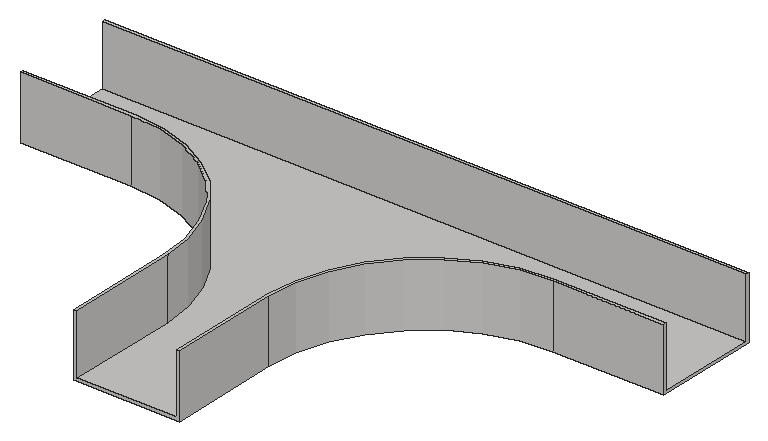
Revit family "Cable_Tray_Fitting-Ventilated_Tray-OBO_Bettermann-Channel_Horizontal_Tee_400-600-MKS", category Cable Tray Fittings, Revit 2012
Parameters (values of type "Hot Dipped Galvanised")
  URL = "http://www.obo-bettermann.com/"
  Tray Width Overall [instance] = Tray Width 3 + 510 mm  # 610 mm
  Tray Width 3 [instance] = 100 mm
  Tray Width 1 [instance] = 100 mm
  Tray Height [instance] = 60 mm
  built-in parameter 1140111 [instance] = 2.58 mm
  Radius Label 1 = Radius Label + 2.6 mm  # 152.6 mm
  Radius Label = 150 mm
  Product Page URL = "http://catalog2.obo-bettermann.com/catalogue/catalogue.do?favOid=kts_315277&act=showIO&lang=en&action=start&catId=KTS&forward=showSolutionView"
  Product Documentation Link = ""
  Pre Galvanized = no
  Model = "MKS"
  Manufacturer = "OBO Bettermann"
  Description = "Ventilated Cable Tray"
  Connector Description 3 = "Connector for Cable Tray 3"  # constant formula
  Connector Description 2 = "Connector for Cable Tray 2"  # constant formula
  Connector Description = "Connector for Cable Tray 1"  # constant formula
  Classification = "Refer to nline catalog for UL and cUL classifed sizes and wire sizes."
  Cable Tray Material = Metal - OBO Bettermann - Hot-Dipped-Galvanised
  Assembly Code = "D5030600"
Types (2, lengths in mm): name | Tray Width Overall | Tray Width 3 | Tray Width 1 | Cable Tray Material
  Stripped Galvanised | 910 | 400 | 400 | Metal - OBO Bettermann - Strip-Galvanised
  Hot Dipped Galvanised | 610 | 100 | 100 | Metal - OBO Bettermann - Hot-Dipped-Galvanised
Reference planes
  plane 1 "Center (Front/Back)": y = 0
  plane 2: z = 0
  plane 3 "Center (Left/Right)": x = 0
  plane 4: y = 50
  plane 5: y = -50
  plane 6: z = 30
  plane 7: z = -30
  plane 8: x = -50
  plane 9: x = 50
  plane 10: y = -47.42
  plane 11: y = 47.42
  plane 12: y = -305
  plane 13: x = -47.42
  plane 14: x = 47.42
  plane 15: z = -27.42
  plane 16: x = -305
  plane 17: x = 305
Forms (mm)
  Extrusion 1, solid, material "Metal - OBO Bettermann - Hot-Dipped-Galvanised" <- "Cable Tray Material", detail levels fine
    sketch origin (0, 0, 0) x (1, 0, 0) y (0, 1, 0)
      loop
        line (-305, -47.42) -> (-305, -50) -> (-200, -50)
        arc (-200, -50) -> (-93.934, -93.934) -> (-50, -200) r 150
        line (-50, -200) -> (-50, -305) -> (-47.42, -305) -> (-47.42, -197.51)
        arc (-47.42, -197.51) -> (-92.096, -92.096) -> (-197.51, -47.42) r 152.6
        line (-197.51, -47.42) -> (-305, -47.42)
      loop
        line (200, -50) -> (305, -50) -> (305, -47.42) -> (197.51, -47.42)
        arc (197.51, -47.42) -> (92.096, -92.096) -> (47.42, -197.51) r 152.6
        line (47.42, -197.51) -> (47.42, -305) -> (50, -305) -> (50, -200)
        arc (50, -200) -> (93.934, -93.934) -> (200, -50) r 150
      loop
        line (-305, 50) -> (-305, 47.42) -> (305, 47.42) -> (305, 50) -> (-305, 50)
    from -30 to 30
  Extrusion 2, solid, material "Metal - OBO Bettermann - Hot-Dipped-Galvanised" <- "Cable Tray Material", detail levels fine
    sketch origin (0, 0, 0) x (1, 0, 0) y (0, 1, 0)
      loop
        line (-305, -50) -> (-200, -50)
        arc (-200, -50) -> (-93.934, -93.934) -> (-50, -200) r 150
        line (-50, -200) -> (-50, -305) -> (50, -305) -> (50, -200)
        arc (50, -200) -> (93.934, -93.934) -> (200, -50) r 150
        line (200, -50) -> (305, -50) -> (305, 50) -> (-305, 50) -> (-305, -50)
    from -30 to -27.42
  Extrusion 3, solid, material "Metal - OBO Bettermann - Hot-Dipped-Galvanised" <- "Cable Tray Material", detail levels medium
    sketch origin (0, 0, 0) x (1, 0, 0) y (0, 1, 0)
      loop
        line (-305, 50) -> (-305, -50) -> (-200, -50)
        arc (-200, -50) -> (-93.934, -93.934) -> (-50, -200) r 150
        line (-50, -200) -> (-50, -305) -> (50, -305) -> (50, -200)
        arc (50, -200) -> (93.934, -93.934) -> (200, -50) r 150
        line (200, -50) -> (305, -50) -> (305, 50) -> (-305, 50)
    from -30 to 30
Cuts and joins
  joined: Extrusion 1, Extrusion 2
Lines and regions (mm)
  model lines, style "Coarse View", detail levels coarse
    curve 1: line (-230, 0, 0) -> (200, 0, 0)
    curve 2: line (0, 0, 0) -> (0, -305, 0)
Dimensions and locks
  equal spacing: plane 4, plane 1 "Center (Front/Back)", plane 5
  "Tray Width 1": plane 4 to plane 5
  equal spacing: plane 6, plane 2, plane 7
  "Tray Height": plane 6 to plane 7
  equal spacing: plane 8, plane 3 "Center (Left/Right)", plane 9  (x2)
  "Tray Width 3": plane 8 to plane 9
  "built-in parameter 1140111": plane 10 to plane 5
  "built-in parameter 1140111": plane 4 to plane 11
  locked: plane 5 to plane 12 at 255
  "built-in parameter 1140111": plane 8 to plane 13
  "built-in parameter 1140111": plane 14 to plane 9
  "built-in parameter 1140111": plane 15 to plane 7
  locked: plane 16 to plane 8 at 255
  locked: plane 9 to plane 17 at 255
  equal spacing: plane 16, plane 3 "Center (Left/Right)", plane 17
  "Radius Label": radius of Extrusion 3 sketch curve  (x2)
  "Radius Label": radius of Extrusion 1 sketch curve  (x2)
  "Radius Label 1": radius of Extrusion 1 sketch curve  (x2)
  "Radius Label": radius of Extrusion 2 sketch curve  (x2)
  aligned and locked: Extrusion 1 sketch curve to plane 10
  aligned and locked: Extrusion 1 sketch curve to plane 5
  aligned and locked: Extrusion 1 sketch curve to plane 8
  aligned and locked: plane 12 to Extrusion 1 sketch curve  (x2)
  aligned and locked: Extrusion 1 sketch curve to plane 13
  aligned and locked: plane 13 to Extrusion 1 sketch curve
  aligned and locked: plane 8 to Extrusion 1 sketch curve
  aligned and locked: Extrusion 1 sketch curve to plane 12  (x2)
  aligned and locked: Extrusion 1 to plane 7
  aligned and locked: plane 6 to Extrusion 1
  aligned and locked: plane 5 to Extrusion 1 sketch curve
  aligned and locked: plane 10 to Extrusion 1 sketch curve
  aligned and locked: Extrusion 1 sketch curve to plane 14
  aligned and locked: Extrusion 1 sketch curve to plane 9
  aligned and locked: plane 9 to Extrusion 1 sketch curve
  aligned and locked: plane 14 to Extrusion 1 sketch curve
  aligned and locked: plane 11 to Extrusion 1 sketch curve
  aligned and locked: Extrusion 1 sketch curve to plane 4
  aligned and locked: Extrusion 2 sketch curve to plane 5
  aligned and locked: Extrusion 2 sketch curve to plane 4
  aligned and locked: plane 4 to Extrusion 2 sketch curve
  aligned and locked: plane 5 to Extrusion 2 sketch curve
  aligned and locked: plane 12 to Extrusion 2 sketch curve
  aligned and locked: plane 9 to Extrusion 2 sketch curve
  aligned and locked: plane 8 to Extrusion 2 sketch curve
  aligned and locked: Extrusion 2 sketch curve to plane 12
  aligned and locked: Extrusion 2 to plane 7
  aligned and locked: plane 15 to Extrusion 2
  aligned and locked: Extrusion 3 sketch curve to plane 5  (x2)
  aligned and locked: plane 4 to Extrusion 3 sketch curve  (x2)
  aligned and locked: plane 5 to Extrusion 3 sketch curve
  aligned and locked: plane 12 to Extrusion 3 sketch curve
  aligned and locked: Extrusion 3 sketch curve to plane 9
  aligned and locked: plane 9 to Extrusion 3 sketch curve
  aligned and locked: plane 8 to Extrusion 3 sketch curve
  aligned and locked: Extrusion 3 sketch curve to plane 12
  aligned and locked: Extrusion 3 to plane 7
  aligned and locked: plane 6 to Extrusion 3
  aligned and locked: plane 1 "Center (Front/Back)" to curve 1
  aligned and locked: plane 12 to curve 2
  aligned and locked: plane 1 "Center (Front/Back)" to curve 2
  aligned and locked: curve 2 to plane 3 "Center (Left/Right)"
  aligned and locked: plane 16 to Extrusion 3
  aligned and locked: plane 16 to cut or joined group of Extrusion 1, Extrusion 2
  aligned and locked: plane 17 to Extrusion 3
  aligned and locked: cut or joined group of Extrusion 1, Extrusion 2 to Extrusion 3
Automatic sketch dimensions
  Extrusion 1 sketch curve to Extrusion 1 sketch curve = 0 mm  (x4)
  Extrusion 1 sketch curve to Extrusion 1 sketch curve = 105 mm  (x2)
  Extrusion 1 sketch curve to plane 8 = 255 mm
  Extrusion 2 sketch curve to Extrusion 2 sketch curve = 105 mm  (x2)
  Extrusion 3 sketch curve to plane 8 = 255 mm
  plane 9 to Extrusion 1 sketch curve = 255 mm
  plane 9 to Extrusion 3 sketch curve = 255 mm
  curve 1 to plane 16 = 75 mm
  plane 17 to curve 1 = 105 mm
Connectors
  cabletrayconduit at (-305, 0, 0), driven by "Tray Height", driven by "Tray Width 1", driven by "Connector Description"
    settings: on Extrusion 3, index 1, connector width 100 mm, connector height 60 mm, connector radius 304.8 mm, connector angle 0.00°, system type 32, placement type 0, profile type 1, connector reference index 2, is primary connector yes, connector utility param no, connector description "Connector for Cable Tray 1"
  cabletrayconduit at (305, 0, 0), driven by "Tray Height", driven by "Tray Width 1", driven by "Connector Description 2"
    settings: on Extrusion 3, index 2, connector width 100 mm, connector height 60 mm, connector radius 304.8 mm, connector angle 0.00°, system type 32, placement type 0, profile type 1, connector reference index 1, is primary connector no, connector utility param no, connector description "Connector for Cable Tray 2"
  cabletrayconduit at (0, -305, 0), driven by "Tray Height", driven by "Tray Width 3", driven by "Connector Description 3"
    settings: on Extrusion 3, index 3, connector width 100 mm, connector height 60 mm, connector radius 304.8 mm, connector angle 0.00°, system type 32, placement type 0, profile type 1, connector reference index -1, is primary connector no, connector utility param no, connector description "Connector for Cable Tray 3"
